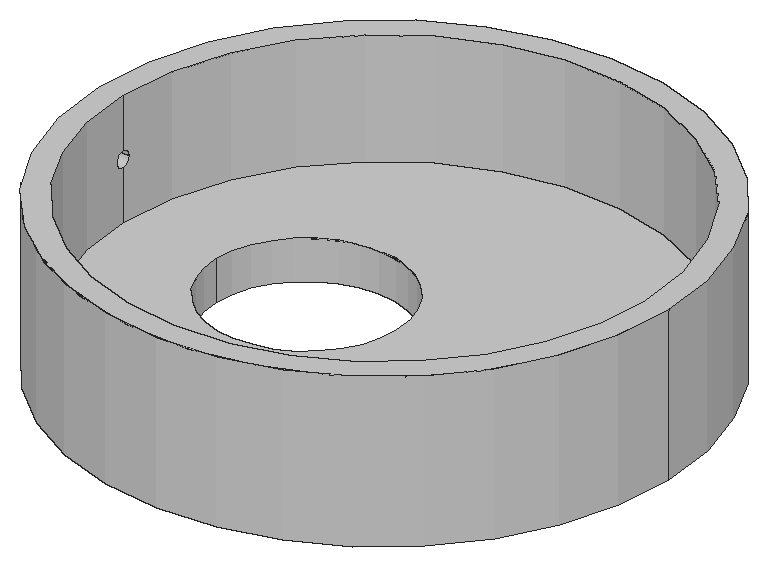
Revit family "KSP 20.6", category Фундамент несущей конструкции, Revit 2025
Family settings
  Материал для поведения модели = Прочее
  Заглушка = Нет
  Номер OmniClass = 23.25.05.00
  Заголовок OmniClass = Foundations
  На основе рабочей плоскости = Нет
  Всегда вертикально = Да
  При загрузке вырезать с полостями = Нет
  Общий = Нет
  Показывать семейство разрезанным на планах = Да
Parameters
  Петля = Петля_П1_П2 : П2
Reference planes
  plane 1 "По центру (Вперед/Назад)": y = -35
  plane 2: z = 0
  plane 3 "По центру (Влево/Вправо)": x = 0
  plane 4: z = 590
  plane 5: x = -1100
  plane 6: x = 1100
  plane 7: x = -1090
  plane 8: x = -1010
  plane 9: x = 1090
  plane 10: x = 1010
  plane 11: z = 370
  plane 12: x = -650
  plane 13: x = 50
  plane 14: x = -300
Forms (mm)
  Extrusion 1, solid, material "Бетон В15"
    sketch origin (0, 0, 0) x (1, 0, 0) y (0, 1, 0)
      loop
        circle (0, -35) r 1100
      loop
        circle (0, -35) r 1010
    from 0 to 590
  Extrusion 2, void
    sketch origin (0, 0, 0) x (0, 1, 0) y (0, 0, 1)
      loop
        circle (-35, 370) r 30
    from -1090 to 1090
  Extrusion 3, solid, material "Бетон В15"
    sketch origin (0, 0, 0) x (1, 0, 0) y (0, 1, 0)
      loop
        circle (0, -35) r 1010
      loop
        circle (-300, -35) r 350
    from 0 to 150
Cuts and joins
  Extrusion 2 cuts Extrusion 1
  joined: Extrusion 1, Extrusion 3
Dimensions and locks
  plane 4 to level = 590 mm
  plane 11 to level = 370 mm
  aligned and locked: plane 2 to level
